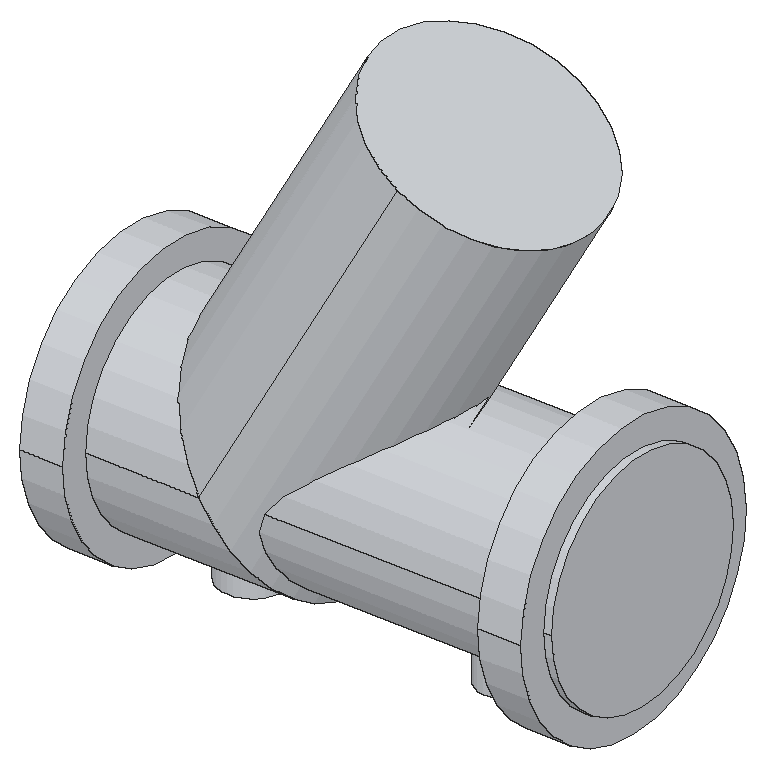
Revit family "HS 821-síto_standard-PN16-DN300-RFA_2018", category Pipe Accessories, Revit 2018
Family settings
  Round Connector Dimension = Use Diameter
  Part Type = Breaks Into
  Work Plane-Based = No
  Always vertical = Yes
  Cut with Voids When Loaded = No
  Shared = No
Parameters (values of type "821A-DN300-PN16-síto_standard")
  magiProductId = "9ad0af747269428da925480d83ce80"
  magiProductFamilyId = "79214ac3aaa945e397802f559f5c1e"
  magiPartTypeId = 307
  isMeasuringValve [instance] = no
  ang2D [instance] = 0.00°
  ZB__ve = -ZB  # -71 mm
  ZB1 = 149.85 mm
  ZB = 71 mm
  X2 = 325.914 mm
  X1 = 119 mm
  W2D = 15 mm
  VersionID = "2.0/2017.9.26.1/ZETKAMA_821_001"
  Use Minimum Symbol Size [instance] = yes
  URL = "www.hydronix.cz"
  Type Comments = "Filtr přírubový; síto standardní; A-PN16 (-10~300°C); D-PN25 (-10~350°C); F-PN40 (-10~400°C)"
  S = 370 mm
  QmdConnectorList = "301;D;302;D"
  Productdata [instance] = ""
  Manufacturer = "Hydronix"
  MC Product Code = "200 195 (821A; DN300; PN16; kvs1916; oko síta 1,60mm)"
  LM1 = 68 mm
  LM = 680 mm
  L4 = 212.5 mm
  L2D_Min = 3048 mm
  L2D = 130 mm
  L2 = 425 mm
  HH2 = 564.5 mm
  FD = 460 mm
  Description = "Filtr přírubový; síto standardní; 821A-PN16; 821D-PN25; 821F-PN40"
  DM1 = 369.6 mm
  DM = 333 mm
  D = 300 mm
  CC = 14.45 mm
  CAT0 = yes
  C1 = 70.55 mm
  C = 85 mm
  BD = 104.895 mm
Types (40, lengths in mm): name | magiProductId | ZB__ve | ZB1 | ZB | X2 | X1 | S | MC Product Code | LM1 | LM | L4 | L2 | HH2 | FD | DM1 | DM | D | CC | C1 | C | BD
  821A-DN015-PN16-síto_standard | "a71bcfe8b393460598b23e8ddf7dc5" | -16.25 | 18.63 | 16.25 | 46.982 | 18.2 | 46 | "200 115 (821A; DN015; PN16; kvs6,3; oko síta 1,00mm)" | 10.4 | 104 | 32.5 | 65 | 81.375 | 95 | 27.6 | 41.4 | 15 | 2.21 | 10.79 | 13 | 13.041
  821A-DN020-PN16-síto_standard | "41cd6c7a12924f4991217528336076" | -17.75 | 22.68 | 17.75 | 51.673 | 21 | 56 | "200 120 (821A; DN020; PN16; kvs11,2; oko síta 1,00mm)" | 12 | 120 | 37.5 | 75 | 89.5 | 105 | 33.6 | 50.4 | 20 | 2.55 | 12.45 | 15 | 15.876
  821A-DN025-PN16-síto_standard | "be378b463ed14c3abf4c9b3ae8cf3a" | -19.25 | 26.325 | 19.25 | 58.601 | 22.4 | 65 | "200 125 (821A; DN025; PN16; kvs14,7; oko síta 1,00mm)" | 12.8 | 128 | 40 | 80 | 101.5 | 115 | 43.2 | 58.5 | 25 | 2.72 | 13.28 | 16 | 18.427
  821A-DN032-PN16-síto_standard | "227a0d18b21540afabe8b6067d35fa" | -23 | 30.78 | 23 | 68.849 | 25.2 | 76 | "200 132 (821A; DN032; PN16; kvs23,7; oko síta 1,00mm)" | 14.4 | 144 | 45 | 90 | 119.25 | 140 | 50.4 | 68.4 | 32 | 3.06 | 14.94 | 18 | 21.546
  821A-DN040-PN16-síto_standard | "d106917c74724141a10440112d0102" | -24.5 | 34.02 | 24.5 | 75.777 | 28 | 84 | "200 140 (821A; DN040; PN16; kvs37,7; oko síta 1,00mm)" | 16 | 160 | 50 | 100 | 131.25 | 150 | 60 | 75.6 | 40 | 3.4 | 16.6 | 20 | 23.814
  821A-DN050-PN16-síto_standard | "8255d456a09e4f6486734f5dd9171b" | -26.75 | 40.095 | 26.75 | 79.061 | 32.2 | 99 | "200 150 (821A; DN050 PN16; kvs57,9; oko síta 1,00mm)" | 18.4 | 184 | 57.5 | 115 | 136.938 | 165 | 73.8 | 89.1 | 50 | 3.91 | 19.09 | 23 | 28.066
  821A-DN065-PN16-síto_standard | "235b1b3e4c0843779a4d5e3716d40a" | -29.75 | 47.79 | 29.75 | 86.927 | 40.6 | 118 | "200 165 (821A; DN065; PN16; kvs101,5; oko síta 1,25mm)" | 23.2 | 232 | 72.5 | 145 | 150.562 | 185 | 94.2 | 106.2 | 65 | 4.93 | 24.07 | 29 | 33.453
  821A-DN080-PN16-síto_standard | "a067f7c5236348ed8c820d16df7214" | -32 | 53.46 | 32 | 104.753 | 43.4 | 132 | "200 180 (821A; DN080; PN16; kvs147,4; oko síta 1,25mm)" | 24.8 | 248 | 77.5 | 155 | 181.438 | 200 | 107.4 | 118.8 | 80 | 5.27 | 25.73 | 31 | 37.422
  821A-DN100-PN16-síto_standard | "c49a648c2747461285837d643703cd" | -35 | 63.18 | 35 | 114.857 | 49 | 156 | "200 190 (821A; DN100; PN16; kvs209,6; oko síta 1,60mm)" | 28 | 280 | 87.5 | 175 | 198.937 | 220 | 131.4 | 140.4 | 100 | 5.95 | 29.05 | 35 | 44.226
  821A-DN125-PN16-síto_standard | "bf68e728a163493cbd2a663b26ebdc" | -39.5 | 74.52 | 39.5 | 131.888 | 56 | 184 | "200 191 (821A; DN125; PN16; kvs326,2; oko síta 1,60mm)" | 32 | 320 | 100 | 200 | 228.438 | 250 | 165 | 165.6 | 125 | 6.8 | 33.2 | 40 | 52.164
  821A-DN150-PN16-síto_standard | "2de770284b654863ae6bc865769dc5" | -44.75 | 85.455 | 44.75 | 155.885 | 67.2 | 211 | "200 192 (821A; DN150; PN16; kvs403; oko síta 1,60mm)" | 38.4 | 384 | 120 | 240 | 270 | 285 | 192 | 189.9 | 150 | 8.16 | 39.84 | 48 | 59.818
  821A-DN200-PN16-síto_standard | "8e5693371ab64aabb29a7f08c76e15" | -53 | 107.73 | 53 | 188.361 | 84 | 266 | "200 193 (821A; DN200; PN16; kvs707; oko síta 1,60mm)" | 48 | 480 | 150 | 300 | 326.25 | 340 | 252 | 239.4 | 200 | 10.2 | 49.8 | 60 | 75.411
  821A-DN250-PN16-síto_standard | "05e37ed948c34047acdd4c42556504" | -62.75 | 129.195 | 62.75 | 255.911 | 102.2 | 319 | "200 194 (821A; DN250; PN16; kvs1234; oko síta 1,60mm)" | 58.4 | 584 | 182.5 | 365 | 443.25 | 405 | 309.6 | 287.1 | 250 | 12.41 | 60.59 | 73 | 90.436
  821A-DN300-PN16-síto_standard | "9ad0af747269428da925480d83ce80" | -71 | 149.85 | 71 | 325.914 | 119 | 370 | "200 195 (821A; DN300; PN16; kvs1916; oko síta 1,60mm)" | 68 | 680 | 212.5 | 425 | 564.5 | 460 | 369.6 | 333 | 300 | 14.45 | 70.55 | 85 | 104.895
  821A-DN350-PN16-síto_standard | "eebc71459bb3451bb4355e7951370a" | -80 | 173.745 | 80 | 356.875 | 137.2 | 429 | "200 196 (821A; DN350; PN16; kvs2621; oko síta 1,60mm)" | 78.4 | 784 | 245 | 490 | 618.125 | 520 | 438 | 386.1 | 350 | 16.66 | 81.34 | 98 | 121.621
  821A-DN400-PN16-síto_standard | "d2f677cb196647e385b2590e7d8abe" | -89 | 194.4 | 89 | 392.237 | 154 | 480 | "200 197 (821A; DN400; PN16; kvs3460; oko síta 1,60mm)" | 88 | 880 | 275 | 550 | 679.375 | 580 | 498 | 432 | 400 | 18.7 | 91.3 | 110 | 136.08
  821D-DN015-PN25-síto_standard | "27ddcbf555414f8ca1fde329bf9087" | -16.25 | 18.63 | 16.25 | 46.982 | 18.2 | 46 | "200 215 (821D; DN015; PN25; kvs6,3; oko síta 1,00mm)" | 10.4 | 104 | 32.5 | 65 | 81.375 | 95 | 27.6 | 41.4 | 15 | 2.21 | 10.79 | 13 | 13.041
  821D-DN020-PN25-síto_standard | "270e0f14012f47189cd0235c18faee" | -17.75 | 22.68 | 17.75 | 51.673 | 21 | 56 | "200 220 (821D; DN020; PN25; kvs11,2; oko síta 1,00mm)" | 12 | 120 | 37.5 | 75 | 89.5 | 105 | 33.6 | 50.4 | 20 | 2.55 | 12.45 | 15 | 15.876
  821D-DN025-PN25-síto_standard | "b9a7fb4aa36643878c637d8e1ab992" | -19.25 | 26.325 | 19.25 | 58.601 | 22.4 | 65 | "200 225 (821D; DN025; PN25; kvs14,7; oko síta 1,00mm)" | 12.8 | 128 | 40 | 80 | 101.5 | 115 | 43.2 | 58.5 | 25 | 2.72 | 13.28 | 16 | 18.427
  821D-DN032-PN25-síto_standard | "6be9a55c4e68400f94eec7e804204c" | -23 | 30.78 | 23 | 68.849 | 25.2 | 76 | "200 232 (821D; DN032; PN25; kvs23,7; oko síta 1,00mm)" | 14.4 | 144 | 45 | 90 | 119.25 | 140 | 50.4 | 68.4 | 32 | 3.06 | 14.94 | 18 | 21.546
  821D-DN040-PN25-síto_standard | "c54511bd7f584ec2984291479612cb" | -24.5 | 34.02 | 24.5 | 75.777 | 28 | 84 | "200 240 (821D; DN040; PN25; kvs37,7; oko síta 1,00mm)" | 16 | 160 | 50 | 100 | 131.25 | 150 | 60 | 75.6 | 40 | 3.4 | 16.6 | 20 | 23.814
  821D-DN050-PN25-síto_standard | "5483b1f596b04cd39b23a14a22c90e" | -26.75 | 40.095 | 26.75 | 79.061 | 32.2 | 99 | "200 250 (821D; DN050; PN25; kvs57,9; oko síta 1,00mm)" | 18.4 | 184 | 57.5 | 115 | 136.938 | 165 | 73.8 | 89.1 | 50 | 3.91 | 19.09 | 23 | 28.066
  821D-DN065-PN25-síto_standard | "767b0f8318e94750bc7a9930ed5b30" | -29.75 | 47.79 | 29.75 | 86.927 | 40.6 | 118 | "200 265 (821D; DN065; PN25; kvs101,5; oko síta 1,25mm)" | 23.2 | 232 | 72.5 | 145 | 150.562 | 185 | 94.2 | 106.2 | 65 | 4.93 | 24.07 | 29 | 33.453
  821D-DN080-PN25-síto_standard | "e21040fa3cc2404b858198f6b73709" | -32 | 53.46 | 32 | 104.753 | 43.4 | 132 | "200 280 (821D; DN080; PN25; kvs147,4; oko síta 1,25mm)" | 24.8 | 248 | 77.5 | 155 | 181.438 | 200 | 107.4 | 118.8 | 80 | 5.27 | 25.73 | 31 | 37.422
  821D-DN100-PN25-síto_standard | "175ca87a506b40b3bc6b82f12f33cf" | -37.25 | 63.18 | 37.25 | 114.857 | 49 | 156 | "200 290 (821D; DN100; PN25; kvs209,6; oko síta 1,60mm)" | 28 | 280 | 87.5 | 175 | 198.937 | 235 | 131.4 | 140.4 | 100 | 5.95 | 29.05 | 35 | 44.226
  821D-DN125-PN25-síto_standard | "77cc98d60da24855999a22dff726b2" | -42.5 | 74.52 | 42.5 | 131.888 | 56 | 184 | "200 291 (821D; DN125; PN25; kvs326,2; oko síta 1,60mm)" | 32 | 320 | 100 | 200 | 228.438 | 270 | 165 | 165.6 | 125 | 6.8 | 33.2 | 40 | 52.164
  821D-DN150-PN25-síto_standard | "9cf8acfcd15547d68e83172d3abcbe" | -47 | 85.455 | 47 | 155.885 | 67.2 | 211 | "200 292 (821D; DN150; PN25; kvs403; oko síta 1,60mm)" | 38.4 | 384 | 120 | 240 | 270 | 300 | 192 | 189.9 | 150 | 8.16 | 39.84 | 48 | 59.818
  821D-DN200-PN25-síto_standard | "16973f3c9ea14389ba8602495a6b64" | -56 | 110.97 | 56 | 188.361 | 84 | 274 | "200 293 (821D; DN200; PN25; kvs707; oko síta 1,60mm)" | 48 | 480 | 150 | 300 | 326.25 | 360 | 252 | 246.6 | 200 | 10.2 | 49.8 | 60 | 77.679
  821F-DN015-PN40-síto_standard | "4c7eaf3c4c0340888b3e684d8a8616" | -16.25 | 18.225 | 16.25 | 46.982 | 18.2 | 45 | "240 615 (821F; DN015; PN40; kvs6,3; oko síta 1,00mm)" | 10.4 | 104 | 32.5 | 65 | 81.375 | 95 | 27.6 | 40.5 | 15 | 2.21 | 10.79 | 13 | 12.757
  821F-DN020-PN40-síto_standard | "aaac5f1ec96b44d6ba96ac2293d66d" | -17.75 | 23.49 | 17.75 | 51.673 | 21 | 58 | "240 620 (821F; DN020; PN40; kvs11,2; oko síta 1,00mm)" | 12 | 120 | 37.5 | 75 | 89.5 | 105 | 33.6 | 52.2 | 20 | 2.55 | 12.45 | 15 | 16.443
  821F-DN025-PN40-síto_standard | "504768023968471481789485b54c7e" | -19.25 | 27.54 | 19.25 | 58.601 | 22.4 | 68 | "240 625 (821F; DN025; PN40; kvs14,7; oko síta 1,00mm)" | 12.8 | 128 | 40 | 80 | 101.5 | 115 | 43.2 | 61.2 | 25 | 2.72 | 13.28 | 16 | 19.278
  821F-DN032-PN40-síto_standard | "165e7f39cf744f329bdf1c400dad12" | -23 | 31.59 | 23 | 68.849 | 25.2 | 78 | "240 632 (821F; DN032; PN40; kvs23,7; oko síta 1,00mm)" | 14.4 | 144 | 45 | 90 | 119.25 | 140 | 50.4 | 70.2 | 32 | 3.06 | 14.94 | 18 | 22.113
  821F-DN040-PN40-síto_standard | "b8903f952089408fbf3a5a632bab1f" | -24.5 | 35.64 | 24.5 | 75.777 | 28 | 88 | "240 640 (821F; DN040; PN40; kvs37,7; oko síta 1,00mm)" | 16 | 160 | 50 | 100 | 131.25 | 150 | 60 | 79.2 | 40 | 3.4 | 16.6 | 20 | 24.948
  821F-DN050-PN40-síto_standard | "c451f97266fe48da8f879cb6a2bd44" | -26.75 | 41.31 | 26.75 | 79.061 | 32.2 | 102 | "240 650 (821F; DN050; PN40; kvs57,9; oko síta 1,00mm)" | 18.4 | 184 | 57.5 | 115 | 136.938 | 165 | 73.8 | 91.8 | 50 | 3.91 | 19.09 | 23 | 28.917
  821F-DN065-PN40-síto_standard | "dc9821e3f9b34e128f6a8c6b34c198" | -29.75 | 49.41 | 29.75 | 86.927 | 40.6 | 122 | "240 665 (821F; DN065; PN40; kvs101,5; oko síta 1,25mm)" | 23.2 | 232 | 72.5 | 145 | 150.562 | 185 | 94.2 | 109.8 | 65 | 4.93 | 24.07 | 29 | 34.587
  821F-DN080-PN40-síto_standard | "689aa1e260f84cf4994f027a1d86b5" | -32 | 55.89 | 32 | 104.753 | 43.4 | 138 | "240 680 (821F; DN080; PN40; kvs147,4; oko síta 1,25mm)" | 24.8 | 248 | 77.5 | 155 | 181.438 | 200 | 107.4 | 124.2 | 80 | 5.27 | 25.73 | 31 | 39.123
  821F-DN100-PN40-síto_standard | "8a45d4e8e2ab425f8c432f21d684f3" | -37.25 | 65.61 | 37.25 | 114.857 | 49 | 162 | "240 690 (821F; DN100; PN40; kvs209,6; oko síta 1,6mm)" | 28 | 280 | 87.5 | 175 | 198.937 | 235 | 131.4 | 145.8 | 100 | 5.95 | 29.05 | 35 | 45.927
  821F-DN125-PN40-síto_standard | "cf073904c006406b8645afa67ea2fc" | -42.5 | 76.14 | 42.5 | 131.888 | 56 | 188 | "240 691 (821F; DN125; PN40; kvs326,2; oko síta 1,6mm)" | 32 | 320 | 100 | 200 | 228.438 | 270 | 165 | 169.2 | 125 | 6.8 | 33.2 | 40 | 53.298
  821F-DN150-PN40-síto_standard | "0153b9ddabe14992a630484929fdbc" | -47 | 88.29 | 47 | 155.885 | 67.2 | 218 | "240 692 (821F; DN150; PN40; kvs403; oko síta 1,6mm)" | 38.4 | 384 | 120 | 240 | 270 | 300 | 192 | 196.2 | 150 | 8.16 | 39.84 | 48 | 61.803
  821F-DN200-PN40-síto_standard | "7fb3fc01dd8d42428c203e3f8dd4d5" | -56 | 115.425 | 56 | 188.361 | 84 | 285 | "240 693 (821F; DN200; PN40; kvs707; oko síta 1,6mm)" | 48 | 480 | 150 | 300 | 326.25 | 360 | 252 | 256.5 | 200 | 10.2 | 49.8 | 60 | 80.797
Reference planes
  plane 1 "Center (Front/Back)": y = 0
  plane 2 "XYPLANE": z = 0
  plane 3 "Center (Left/Right)": x = 0
  plane 4 "109": x = -272
  plane 5 "108": x = 340
  plane 6 "107": x = -340
  plane 7 "105": x = 425
  plane 8 "104": x = -425
  plane 9 "103": y = 0
  plane 10 "102": z = 0
  plane 11 "101": x = -410.55
  plane 12 "100": x = 410.55
  plane 13 "11": x = -153
  plane 14 "10": z = 564.5
  plane 15 "9": x = 172.914
  plane 16 "5": z = -149.85
  plane 17 "4": x = -212.5
  plane 18 "1": x = 212.5
Forms (mm)
  Extrusion 1, solid, visible <- "CAT0"
    sketch origin (-340, -750, 0) x (0, 1, 0) y (0, 0, 1)
      loop
        circle (750, 0) r 166.5
    from 0 to 680 <- "LM"
  Extrusion 2, solid
    sketch origin (-425, -750, 0) x (0, 1, 0) y (0, 0, 1)
      loop
        circle (750, 0) r 185
    from 0 to 14.45 <- "CC"
  Extrusion 3, solid
    sketch origin (-410.55, -750, 0) x (0, 1, 0) y (0, 0, 1)
      loop
        circle (750, 0) r 230
    from 0 to 70.55 <- "C1"
  Extrusion 4, solid
    sketch origin (340, -750, 0) x (0, 1, 0) y (0, 0, 1)
      loop
        circle (750, 0) r 230
    from 0 to 70.55 <- "C1"
  Extrusion 5, solid
    sketch origin (410.55, -750, 0) x (0, 1, 0) y (0, 0, 1)
      loop
        circle (750, 0) r 185
    from 0 to 14.45 <- "CC"
  Sweep 6, solid, visible <- "CAT0"
    path origin (750, 0, 0) x (-1, 0, 0) y (0, 0, 1)
      loop
        line (1090, 0) -> (903, 0) -> (577.086, 564.5)
    profile origin (-340, 0, 0) x (0, 0, -1) y (0, 1, 0)
      loop
        circle (0, 0) r 184.8
  Extrusion 7, solid, visible <- "CAT0"
    sketch origin (-750, 0, -149.85) x (1, 0, 0) y (0, 1, 0)
      loop
        circle (537.5, 0) r 52.447
    from 0 to -71 <- "ZB__ve"
  Extrusion 8, solid, visible <- "CAT0"
    sketch origin (-750, 0, -149.85) x (1, 0, 0) y (0, 1, 0)
      loop
        circle (962.5, 0) r 52.447
    from 0 to -71 <- "ZB__ve"
  Extrusion 9, solid, not visible
    sketch origin (425, -750, 0) x (0, 1, 0) y (0, 0, 1)
      loop
        circle (750, 0) r 10
    from 0 to -10
  Extrusion 10, solid, not visible
    sketch origin (-425, -750, 0) x (0, 1, 0) y (0, 0, 1)
      loop
        circle (750, 0) r 10
    from 0 to 10
Lines and regions (mm)
  reference lines, not visible
    curve 1: circle (2, 2, 0) r 1 normal (0, 0, 1)
Dimensions and locks
  plane 1 "Center (Front/Back)" to curve 1 = 2 mm
  "LM1": plane 6 "107" to plane 4 "109"
  "LM": plane 6 "107" to plane 5 "108"
  "C": plane 8 "104" to plane 6 "107"
  "L2": plane 3 "Center (Left/Right)" to plane 7 "105"
  "L2": plane 3 "Center (Left/Right)" to plane 8 "104"
  locked: plane 1 "Center (Front/Back)" to plane 9 "103"
  locked: plane 2 "XYPLANE" to plane 10 "102"
  "CC": plane 8 "104" to plane 11 "101"
  "C1": plane 5 "108" to plane 12 "100"
  "X1": plane 4 "109" to plane 13 "11"
  "HH2": plane 2 "XYPLANE" to plane 14 "10"
  "X2": plane 13 "11" to plane 15 "9"
  "ZB1": plane 2 "XYPLANE" to plane 16 "5"
  "L4": plane 8 "104" to plane 17 "4"
  "L2": plane 17 "4" to plane 18 "1"
  Sweep 6 sketch curve to Sweep 6 sketch curve = 0 mm  (x2)
  "DM": diameter of Extrusion 1 sketch curve
  "S": diameter of Extrusion 2 sketch curve
  "FD": diameter of Extrusion 3 sketch curve
  "FD": diameter of Extrusion 4 sketch curve
  "S": diameter of Extrusion 5 sketch curve
  "DM1": diameter of Sweep 6 sketch curve
  "BD": diameter of Extrusion 7 sketch curve
  "BD": diameter of Extrusion 8 sketch curve
  aligned and locked: level to plane 2 "XYPLANE"
  aligned and locked: Extrusion 1 sketch curve to plane 9 "103"
  aligned and locked: plane 10 "102" to Extrusion 1 sketch curve
  aligned and locked: Extrusion 2 sketch curve to plane 9 "103"
  aligned and locked: plane 10 "102" to Extrusion 2 sketch curve
  aligned and locked: Extrusion 3 sketch curve to plane 9 "103"
  aligned and locked: plane 10 "102" to Extrusion 3 sketch curve
  aligned and locked: Extrusion 4 sketch curve to plane 9 "103"
  aligned and locked: plane 10 "102" to Extrusion 4 sketch curve
  aligned and locked: Extrusion 5 sketch curve to plane 9 "103"
  aligned and locked: plane 10 "102" to Extrusion 5 sketch curve
  aligned and locked: Sweep 6 sketch curve to plane 9 "103"
  aligned and locked: plane 10 "102" to Sweep 6 sketch curve  (x3)
  aligned and locked: plane 6 "107" to Sweep 6 sketch curve
  aligned and locked: plane 13 "11" to Sweep 6 sketch curve
  aligned and locked: plane 14 "10" to Sweep 6 sketch curve
  aligned and locked: plane 15 "9" to Sweep 6 sketch curve
  aligned and locked: plane 9 "103" to Extrusion 7 sketch curve
  aligned and locked: plane 17 "4" to Extrusion 7 sketch curve
  aligned and locked: plane 9 "103" to Extrusion 8 sketch curve
  aligned and locked: plane 18 "1" to Extrusion 8 sketch curve
  aligned and locked: Extrusion 9 sketch curve to plane 9 "103"
  aligned and locked: plane 10 "102" to Extrusion 9 sketch curve
  aligned and locked: Extrusion 10 sketch curve to plane 9 "103"
  aligned and locked: plane 10 "102" to Extrusion 10 sketch curve
Automatic sketch dimensions
  plane 1 "Center (Front/Back)" to Extrusion 9 sketch curve = 10 mm
  plane 1 "Center (Front/Back)" to Extrusion 10 sketch curve = 10 mm
  plane 3 "Center (Left/Right)" to curve 1 = 2 mm
  radius of curve 1 = 1 mm
Connectors
  piping at (-425, 0, 0), diameter 300, driven by "D"
    settings: on Extrusion 10, index 1, connector inside diameter 609.6 mm, connector length 0 mm, flow factor 0, pipe flow 0.0 L/s, pressure drop 0.0 Pa, fitting loss kfactor 0, connector angle 0.00°, fixture units 0, engagement length 0 mm, angle of deflection 0.00°, flow configuration 0, flow direction 0, fitting loss method 0, system type 29, joint type 0, gender type 0, connector reference index 2, connector utility 0, adjustable connector no, is connector primary yes, connector description ""
  piping at (425, 0, 0), diameter 300, driven by "D"
    settings: on Extrusion 9, index 2, connector inside diameter 609.6 mm, connector length 0 mm, flow factor 0, pipe flow 0.0 L/s, pressure drop 0.0 Pa, fitting loss kfactor 0, connector angle 0.00°, fixture units 0, engagement length 0 mm, angle of deflection 0.00°, flow configuration 0, flow direction 0, fitting loss method 0, system type 29, joint type 0, gender type 0, connector reference index 1, connector utility 0, adjustable connector no, is connector primary no, connector description ""
